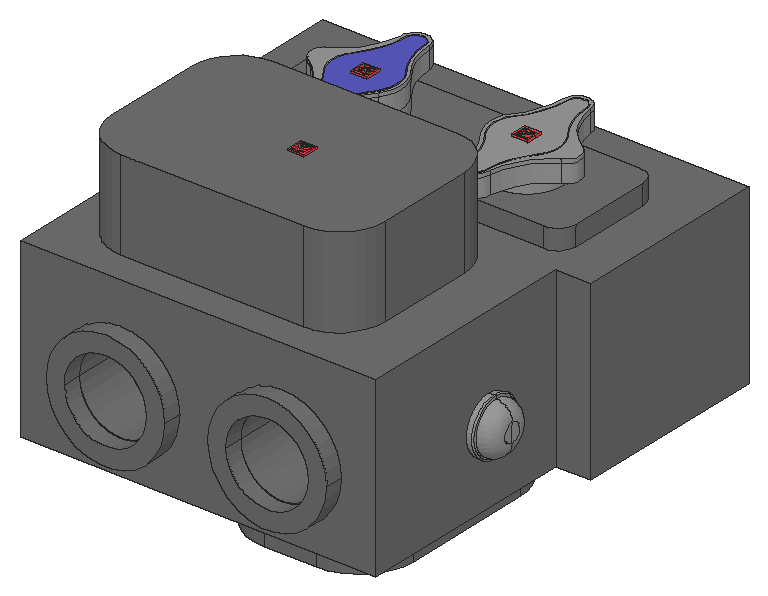
Revit family "HerzCon-узел прямого подключения для фанкойлов 90мм", category Rohrzubehör, Revit 2018
Family settings
  Bemaßung runder Anschluss = Durchmesser verwenden
  Teiletyp = Unterbricht
  OmniClass-Nummer = 23.65.55.14
  OmniClass-Titel = Valves for Liquid Services
  Arbeitsebenenbasiert = Nein
  Immer vertikal = Ja
  Beim Laden mit Abzugskörper schneiden = Nein
  Gemeinsam genutzt = Nein
Parameters (values of type "DN25")
  Среда = "Вода для системы отопления подготавливается в соответствии с ÖNORM H5195 или VDI 2035.\r\nВозможно использование этилена или пропиленгликоля в концентрации 25-50% объема."
  Применение = "HerzCON был разработан для простого подключения фанкойлов или AHU.\r\nHerzCON - это устройство, состоящее из независимого от давления комби-клапана - регулятора расхода (4006), HERZ фильтра-грязевика, HERZ крана для слива (2512) и двух HERZ мультифункциональных шаровых кранов.\r\nВключение, выключение и модульное управление возможно производить через приводы 0 - 10 В.\r\nПриводы могут быть интегрированы в BMS при необходимости.\r\nУстройство обеспечивает независимое от давления управление и в то же время гарантирует постоянный расход для конечного потребителя, максимизируя энергоэффективность системы.\r\nУстройство HerzCON также позволяет производить промывку и запирание.\r\nHerzCON предназначен для работы как в системах холодоснабжения, так и теплоснабжения.\r\nКран для слива, установленный на сетчатом фильтре, позволяет производить промывку устройства без необходимости извлечения сетчатого фильтра, а также позволяет очищать сетчатый фильтр в самом устройстве."
  Номер заказа теплоизолирующего кожуха [instance] = 1470098  # constant formula
  Номер заказа [instance] = 1460058  # constant formula
  Мин. рабочая температура = -20 °C  # constant formula
  Макс. рабочее давление = 2500000.0 Pa  # constant formula
  Макс. рабочая температура = 130 °C  # constant formula
  Макс. дифференциальное давление = 400000.0 Pa  # constant formula
  Корпус = "латунь, устойчивая к селективной цинковой коррозии"  # constant formula
  kvs-Wert (обычная работа) = "2.75"  # constant formula
  kvs-Wert (работа байпаса) = "10.00"  # constant formula
  URL = "www.herz-armaturen.ru"
  SCRNSEQ = "ARM;TYP_ARM=\"DURR\";02"
  SCRNCODE = "05;04;04"  # constant formula
  Nennweite SF [instance] = 32.00 mm  # constant formula
  Nennweite Kombi [instance] = 32.00 mm  # constant formula
  Nennweite KH [instance] = 25.00 mm  # constant formula
  Мембрана и уплотнительное кольцо O-Ring = "EPDM"  # constant formula
  L11 = 14.00 mm  # constant formula
  L10 = 25.00 mm  # constant formula
  L09 = 16.00 mm  # constant formula
  L08 = 14.75 mm  # constant formula
  L07 = 12.50 mm  # constant formula
  L06 = 20.50 mm  # constant formula
  L04 = 45.00 mm  # constant formula
  L03 = 18.00 mm  # constant formula
  L02 = 4.80 mm  # constant formula
  L01 = 19.85 mm  # constant formula
  L00 [instance] = 189.70 mm  # constant formula
  L05 = 22.00 mm  # constant formula
  Теплоизолирующий бокс = "EPP, вспененный полипропилен, паронепроницаемый, антидиффузионный, черного цвета"  # constant formula
  Ход = "4 мм"  # constant formula
  Hersteller = "HERZ Armaturen Ges.m.b.H."  # constant formula
  H02 = D02 + 1.00 mm  # 28.00 mm
  H01 = 39.50 mm  # constant formula
  Изоляция [instance] = yes
  D11 = 20.00 mm  # constant formula
  D10 = 13.00 mm  # constant formula
  D09 = 18.90 mm  # constant formula
  D08 = 19.10 mm  # constant formula
  D07 = 14.85 mm  # constant formula
  D06 = 32.60 mm  # constant formula
  D05 = 33.80 mm  # constant formula
  D04 = 15.50 mm  # constant formula
  D03 = 21.25 mm  # constant formula
  D02 = 27.00 mm  # constant formula
  D01 = 15.00 mm  # constant formula
Reference planes
  plane 1 "Mitte (Vorne/hinten)": y = 0
  plane 2: z = 0
  plane 3 "Mitte (Links/rechts)": x = 0
Forms (mm)
  Revolve 1, solid, material "Messing, weicher Gelbton, geschweißt", detail levels fine
    sketch origin (-0.315, -1.436, 0) x (1, 0, 0) y (0, 1, 0)
      loop
        line (-94.535, 1.436) -> (95.165, 1.436) -> (95.165, 16.436) -> (75.315, 16.436) -> (75.315, 28.436) -> (23.115, 28.436) -> (23.115, 22.686) -> (18.315, 22.686) -> (18.315, 16.936) -> (-17.685, 16.936) -> (-17.685, 22.686) -> (-22.485, 22.686) -> (-22.485, 28.436) -> (-74.685, 28.436) -> (-74.685, 16.436) -> (-94.535, 16.436) -> (-94.535, 1.436)
      axis (95.165, 1.436) -> (-94.535, 1.436)
    angle from 0 to 360
  Revolve 2, solid, material "Messing, weicher Gelbton, geschweißt", detail levels fine
    sketch origin (0, 0, 0) x (1, 0, 0) y (0, 1, 0)
      loop
        line (-45, 28.35) -> (-57.5, 28.35) -> (-57.5, 47.45) -> (-65.5, 47.45) -> (-65.5, 32.6) -> (-67, 32.6) -> (-67, -33.8) -> (-59.75, -33.8) -> (-59.75, -45.7) -> (-70, -45.7) -> (-70, -65.7) -> (-61, -65.7) -> (-61, -52.7) -> (-45, -52.7) -> (-45, 28.35)
      axis (-45, 47.45) -> (-45, -65.7)
    angle from 0 to 360
  Revolve 3, solid, material "Messing, weicher Gelbton, geschweißt", detail levels fine
    sketch origin (0, 0, 0) x (-1, 0, 0) y (0, 1, 0)
      loop
        line (-45, 28.35) -> (-57.5, 28.35) -> (-57.5, 47.45) -> (-65.5, 47.45) -> (-65.5, 32.6) -> (-67, 32.6) -> (-67, -33.8) -> (-59.75, -33.8) -> (-59.75, -45.7) -> (-70, -45.7) -> (-70, -65.7) -> (-61, -65.7) -> (-61, -52.7) -> (-45, -52.7) -> (-45, 28.35)
      axis (-45, 47.45) -> (-45, -65.7)
    angle from 0 to 360
  Revolve 4, solid, material "Messing, weicher Gelbton, geschweißt", detail levels fine
    sketch origin (0, 0, 0) x (1, 0, 0) y (0, 0, 1)
      loop
        line (-45, 0) -> (-45, 39.5) -> (-59, 39.5) -> (-59, 0) -> (-45, 0)
      axis (-45, 0) -> (-45, 39.5)
    angle from 0 to 360
  Revolve 5, solid, material "Messing, weicher Gelbton, geschweißt", detail levels fine
    sketch origin (0, 0, 0) x (-1, 0, 0) y (0, 0, 1)
      loop
        line (-45, 0) -> (-45, 39.5) -> (-59, 39.5) -> (-59, 0) -> (-45, 0)
      axis (-45, 0) -> (-45, 39.5)
    angle from 0 to 360
  Revolve 6, solid, material "Messing, weicher Gelbton, geschweißt", detail levels fine
    sketch origin (0, 33.127, 0) x (1, 0, 0) y (0, 1, 0)
      loop
        line (45, -87.677) -> (29, -87.677) -> (29, -96.677) -> (30, -96.677) -> (30, -154.677) -> (29, -154.677) -> (29, -163.677) -> (45, -163.677) -> (45, -87.677)
      axis (45, -87.677) -> (45, -163.677)
    angle from 0 to 360
  Revolve 7, solid, material "Messing, weicher Gelbton, geschweißt", detail levels fine
    sketch origin (0, 0, 0) x (1, 0, 0) y (0, 1, 0)
      loop
        line (25, -92.55) -> (25, -107.55) -> (45, -107.55) -> (60, -111.55) -> (68, -111.55) -> (68, -107.55) -> (78, -107.55) -> (78, -105.55) -> (91, -105.55) -> (91, -106.55) -> (100, -106.55) -> (100, -92.55) -> (25, -92.55)
      axis (25, -92.55) -> (100, -92.55)
    angle from 0 to 360
  Revolve 8, solid, material "Messing, weicher Gelbton, geschweißt", detail levels fine
    sketch origin (0, 0, 0) x (1, 0, 0) y (0, 1, 0)
      loop
        line (25, -92.55) -> (11, -92.55) -> (11, -103.55) -> (15, -103.55) -> (15, -109.55) -> (25, -109.55) -> (25, -92.55)
      axis (11, -92.55) -> (25, -92.55)
    angle from 0 to 360
  Extrusion 9, solid, material "Messing, weicher Gelbton, geschweißt", detail levels fine
    sketch origin (0, 0, 0) x (0, 1, 0) y (0, 0, 1)
      loop
        line (-87.8, 46) -> (-97.3, 46) -> (-130.012, 27.114) -> (-134.762, 18.886) -> (-134.762, -18.886) -> (-130.012, -27.114) -> (-97.3, -46) -> (-87.8, -46) -> (-55.088, -27.114) -> (-50.338, -18.886) -> (-50.338, 18.886) -> (-55.088, 27.114) -> (-87.8, 46)
    from 11 to -10.6
  Revolve 10, solid, material "Messing, weicher Gelbton, geschweißt", detail levels fine
    sketch origin (0, 0, 0) x (1, 0, 0) y (0, 1, 0)
      loop
        line (-10.6, -92.55) -> (-10.6, -62.694) -> (-14.1, -75.05) -> (-14.1, -92.55) -> (-10.6, -92.55)
      axis (-14.1, -92.55) -> (-10.6, -92.55)
    angle from 0 to 360
  Extrusion 11, solid, material "Messing, weicher Gelbton, geschweißt", detail levels fine
    sketch origin (0, 0, 0) x (1, 0, 0) y (0, 0, 1)
      loop
        line (11, 8) -> (-6.1, 8)
        arc (-6.1, 8) -> (-14.1, 0) -> (-6.1, -8) r 8
        line (-6.1, -8) -> (11, -8) -> (11, 8)
    from 49.053 to 92.55
  Revolve 12, solid, material "Messing, weicher Gelbton, geschweißt", detail levels fine
    sketch origin (0, 0, 0) x (1, 0, 0) y (0, 1, 0)
      loop
        line (-13.1, -49.053) -> (-6.1, -49.053) -> (-6.1, -33.053) -> (-13.1, -33.053) -> (-13.1, -44.053) -> (-10.1, -44.053) -> (-10.1, -46.053) -> (-13.1, -46.053) -> (-13.1, -49.053)
      axis (-6.1, -33.053) -> (-6.1, -49.053)
    angle from 0 to 360
  Revolve 13, solid, material "Messing, weicher Gelbton, geschweißt", detail levels fine
    sketch origin (45, 0, 0) x (0, 1, 0) y (0, 0, 1)
      loop
        line (-107.55, 29) -> (-116.55, 29) -> (-116.55, 0) -> (-115.35, 0) -> (-115.35, -27) -> (-114.55, -27) -> (-114.55, -30) -> (-111.55, -30) -> (-111.55, -32) -> (-114.55, -32) -> (-114.55, -43) -> (-107.55, -43) -> (-107.55, 29)
      axis (-107.55, 29) -> (-107.55, -43)
    angle from 0 to 360
  Revolve 14, solid, material "Messing, weicher Gelbton, geschweißt", detail levels fine
    sketch origin (45, 0, 0) x (0, 1, 0) y (0, 0, 1)
      loop
        line (-68.55, 29) -> (-77.55, 29) -> (-77.55, 0) -> (-68.55, 0) -> (-68.55, 29)
      axis (-77.55, 29) -> (-77.55, 0)
    angle from 0 to 360
  Revolve 15, solid, material "Messing, weicher Gelbton, geschweißt", detail levels fine
    sketch origin (5.25, 97.957, 0) x (1, 0, 0) y (0, 1, 0)
      loop
        line (-50.25, -152.507) -> (-66.25, -152.507) -> (-66.25, -167.507) -> (-67.75, -167.507) -> (-67.75, -230.907) -> (-66.25, -230.907) -> (-66.25, -242.507) -> (-50.25, -242.507) -> (-50.25, -152.507)
      axis (-50.25, -152.507) -> (-50.25, -242.507)
    angle from 0 to 360
  Revolve 16, solid, material "Messing, weicher Gelbton, geschweißt", detail levels fine
    sketch origin (-45, -230.478, 0) x (0, 1, 0) y (0, 0, 1)
      loop
        arc (130.928, -23.913) -> (141.764, -20.377) -> (148.428, -11.13) r 18.37
        line (148.428, -11.13) -> (148.428, 3) -> (149.428, 4.812) -> (149.428, 32.5) -> (149.428, 34.5) -> (148.428, 34.5) -> (148.428, 36) -> (144.428, 36) -> (144.428, 49) -> (142.55, 50.084)
        arc (142.55, 50.084) -> (140.382, 52.622) -> (140.295, 55.959) r 5
        line (140.295, 55.959) -> (141.933, 61) -> (141.933, 76) -> (144.133, 76) -> (144.133, 77.5) -> (145.912, 77.5) -> (145.912, 84) -> (144.912, 86.5) -> (133.412, 86.5) -> (133.412, 89.5) -> (134.912, 89.5) -> (134.912, 91.5) -> (130.928, 91.5) -> (130.928, -23.913)
      axis (130.928, 91.5) -> (130.928, -23.913)
    angle from 0 to 360
  Extrusion 17, solid, material "Messing, weicher Gelbton, geschweißt", detail levels fine
    sketch origin (-1, -230.478, 0) x (0, 1, 0) y (0, 0, 1)
      loop
        circle (130.928, 65) r 5.5
    from -44 to -27
  Extrusion 18, solid, material "Kunststoff-Anthrazit/Schwarz", visible <- "Изоляция", detail levels fine
    sketch origin (-452.346, 0, 0) x (1, 0, 0) y (0, 1, 0)
      loop
        line (332.346, 64.5) -> (332.346, -45.5) -> (351.746, -45.5) -> (351.746, -170.5) -> (549.946, -170.5) -> (549.946, -45.5) -> (569.346, -45.5) -> (569.346, 64.5) -> (332.346, 64.5)
    from -42 to 56
  Extrusion 19, void
    sketch origin (0, 0, 0) x (0, 1, 0) y (0, 0, 1)
      loop
        circle (-92.55, 0) r 15
    from 117 to 32.451
  Extrusion 20, void
    sketch origin (0, 0, 0) x (1, 0, 0) y (0, 0, 1)
      loop
        circle (-45, 0) r 23
      loop
        circle (45, 0) r 23
    from 184.5 to -80
  Extrusion 21, solid, material "Kunststoff-Anthrazit/Schwarz", visible <- "Изоляция", detail levels fine
    sketch origin (0, 0, 0) x (1, 0, 0) y (0, 0, 1)
      loop
        circle (-45, 0) r 33
      loop
        circle (45, 0) r 33
    from 180.5 to 170.5
  Extrusion 22, solid, material "Kunststoff-Anthrazit/Schwarz", visible <- "Изоляция", detail levels fine
    sketch origin (0, 0, 0) x (1, 0, 0) y (0, 0, 1)
      loop
        circle (-45, 0) r 33
      loop
        circle (45, 0) r 33
    from -64.5 to -74.5
  Extrusion 23, solid, material "Kunststoff-Anthrazit/Schwarz", visible <- "Изоляция", detail levels fine
    sketch origin (0, 0, 0) x (1, 0, 0) y (0, 1, 0)
      loop
        line (43.2, -46.9) -> (-58.4, -46.9)
        arc (-58.4, -46.9) -> (-76.078, -54.222) -> (-83.4, -71.9) r 25
        line (-83.4, -71.9) -> (-83.4, -128)
        arc (-83.4, -128) -> (-76.078, -145.678) -> (-58.4, -153) r 25
        line (-58.4, -153) -> (43.2, -153)
        arc (43.2, -153) -> (60.878, -145.678) -> (68.2, -128) r 25
        line (68.2, -128) -> (68.2, -71.9)
        arc (68.2, -71.9) -> (60.878, -54.222) -> (43.2, -46.9) r 25
    from 56 to 106
  Extrusion 24, solid, material "Kunststoff-Anthrazit/Schwarz", visible <- "Изоляция", detail levels fine
    sketch origin (0, 0, 0) x (1, 0, 0) y (0, 1, 0)
      loop
        arc (81.5, -33.43) -> (88.571, -30.501) -> (91.5, -23.43) r 10
        line (91.5, -23.43) -> (91.5, 22.8)
        arc (91.5, 22.8) -> (88.571, 29.871) -> (81.5, 32.8) r 10
        line (81.5, 32.8) -> (-81.5, 32.8)
        arc (-81.5, 32.8) -> (-88.571, 29.871) -> (-91.5, 22.8) r 10
        line (-91.5, 22.8) -> (-91.5, -23.43)
        arc (-91.5, -23.43) -> (-88.571, -30.501) -> (-81.5, -33.43) r 10
        line (-81.5, -33.43) -> (81.5, -33.43)
    from 56 to 67
  Extrusion 25, solid, material "Kunststoff-Anthrazit/Schwarz", visible <- "Изоляция", detail levels fine
    sketch origin (0, 0, 0) x (1, 0, 0) y (0, 1, 0)
      loop
        arc (5.4, 1.85) -> (-15.813, -6.937) -> (-24.6, -28.15) r 30
        line (-24.6, -28.15) -> (-24.6, -102.9)
        arc (-24.6, -102.9) -> (-15.813, -124.113) -> (5.4, -132.9) r 30
        line (5.4, -132.9) -> (34.4, -132.9)
        arc (34.4, -132.9) -> (55.613, -124.113) -> (64.4, -102.9) r 30
        line (64.4, -102.9) -> (64.4, -28.15)
        arc (64.4, -28.15) -> (55.613, -6.937) -> (34.4, 1.85) r 30
        line (34.4, 1.85) -> (5.4, 1.85)
    from -42 to -76
Cuts and joins
  Extrusion 19, Extrusion 20 cuts Extrusion 18
  Extrusion 20 cuts Extrusion 21
  Extrusion 20 cuts Extrusion 22
Dimensions and locks
  "D04": Revolve 1 sketch curve to Revolve 1 sketch curve
  "D03": Revolve 1 sketch curve to Revolve 1 sketch curve  (x2)
  "D01": Revolve 1 sketch curve to Revolve 1 sketch curve  (x2)
  "D02": Revolve 1 sketch curve to Revolve 1 sketch curve  (x2)
  "L00": Revolve 1 sketch curve to Revolve 1 sketch curve
  "L01": Revolve 1 sketch curve to Revolve 1 sketch curve  (x2)
  "L02": Revolve 1 sketch curve to Revolve 1 sketch curve  (x2)
  equal spacing: Revolve 1 sketch curve, plane 3 "Mitte (Links/rechts)", Revolve 1 sketch curve
  "L03": Revolve 1 sketch curve to plane 3 "Mitte (Links/rechts)" to Revolve 1 sketch curve
  "L04": Revolve 2 sketch curve to plane 3 "Mitte (Links/rechts)"  (x2)
  "L05": Revolve 2 sketch curve to Revolve 2 sketch curve
  "D05": Revolve 2 sketch curve to plane 1 "Mitte (Vorne/hinten)"
  "D06": plane 1 "Mitte (Vorne/hinten)" to Revolve 2 sketch curve
  "L06": Revolve 2 sketch curve to Revolve 2 sketch curve
  "D07": Revolve 2 sketch curve to Revolve 2 sketch curve
  "D08": Revolve 2 sketch curve to Revolve 2 sketch curve
  "L07": Revolve 2 sketch curve to Revolve 2 sketch curve
  "L08": Revolve 2 sketch curve to Revolve 2 sketch curve
  "D09": Revolve 2 sketch curve to Revolve 2 sketch curve
  "D10": Revolve 2 sketch curve to Revolve 2 sketch curve
  "D11": Revolve 2 sketch curve to Revolve 2 sketch curve
  "L09": Revolve 2 sketch curve to Revolve 2 sketch curve
  "L10": Revolve 2 sketch curve to Revolve 2 sketch curve
  "L05": Revolve 3 sketch curve to Revolve 3 sketch curve
  "L06": Revolve 3 sketch curve to Revolve 3 sketch curve
  "D07": Revolve 3 sketch curve to Revolve 3 sketch curve
  "D08": Revolve 3 sketch curve to Revolve 3 sketch curve
  "L07": Revolve 3 sketch curve to Revolve 3 sketch curve
  "L08": Revolve 3 sketch curve to Revolve 3 sketch curve
  "D09": Revolve 3 sketch curve to Revolve 3 sketch curve
  "D10": Revolve 3 sketch curve to Revolve 3 sketch curve
  "D11": Revolve 3 sketch curve to Revolve 3 sketch curve
  "L09": Revolve 3 sketch curve to Revolve 3 sketch curve
  "L10": Revolve 3 sketch curve to Revolve 3 sketch curve
  "L04": plane 3 "Mitte (Links/rechts)" to Revolve 3 sketch curve  (x2)
  "D05": Revolve 3 sketch curve to plane 1 "Mitte (Vorne/hinten)"
  "D06": plane 1 "Mitte (Vorne/hinten)" to Revolve 3 sketch curve
  "H01": Revolve 4 sketch curve to plane 2
  "L04": plane 3 "Mitte (Links/rechts)" to Revolve 4 sketch curve  (x2)
  "L11": Revolve 4 sketch curve to Revolve 4 sketch curve
  "L11": Revolve 5 sketch curve to Revolve 5 sketch curve
  "L04": Revolve 5 sketch curve to plane 3 "Mitte (Links/rechts)"  (x2)
  "H01": Revolve 5 sketch curve to plane 2
  "L04": nested 3 to plane 3 "Mitte (Links/rechts)"
  "L04": plane 3 "Mitte (Links/rechts)" to nested 4
  "H02": nested 3 to plane 2
  "H02": nested 4 to plane 2
  "L04": plane 3 "Mitte (Links/rechts)" to Revolve 6 sketch curve  (x2)
  Revolve 6 sketch curve to Revolve 6 sketch curve = 16.00 mm  (x2)
  Revolve 6 sketch curve to Revolve 6 sketch curve = 15.00 mm
  Revolve 6 sketch curve to Revolve 6 sketch curve = 76.00 mm
  Revolve 6 sketch curve to Revolve 6 sketch curve = 9.00 mm  (x2)
  equal spacing: Revolve 6, Revolve 7 sketch curve, Revolve 6  (x2)
  Revolve 7 sketch curve to Revolve 7 sketch curve = 75.00 mm
  Revolve 7 sketch curve to Revolve 7 sketch curve = 9.00 mm
  Revolve 7 sketch curve to Revolve 7 sketch curve = 13.00 mm  (x2)
  Revolve 7 sketch curve to Revolve 7 sketch curve = 10.00 mm
  "L04": plane 3 "Mitte (Links/rechts)" to Revolve 7 sketch curve
  Revolve 7 sketch curve to Revolve 7 sketch curve = 14.00 mm
  Revolve 7 sketch curve to Revolve 7 sketch curve = 15.00 mm  (x2)
  Revolve 7 sketch curve to Revolve 7 sketch curve = 20.00 mm
  Revolve 7 sketch curve to Revolve 7 sketch curve = 35.00 mm
  Revolve 8 sketch curve to Revolve 7 = 20.00 mm
  equal spacing: Revolve 6, Revolve 8 sketch curve, Revolve 6  (x2)
  Revolve 8 sketch curve to Revolve 8 sketch curve = 17.00 mm
  Revolve 8 sketch curve to Revolve 8 sketch curve = 11.00 mm
  Revolve 8 sketch curve to Revolve 8 sketch curve = 14.00 mm
  Revolve 8 sketch curve to Revolve 8 sketch curve = 10.00 mm
  Revolve 6 to Extrusion 9 sketch curve = 4.212 mm
  Extrusion 9 sketch curve to Revolve 6 = 4.212 mm
  Extrusion 9 sketch curve to Extrusion 9 sketch curve = 84.424 mm
  equal spacing: Extrusion 9 sketch curve, level, Extrusion 9 sketch curve
  Extrusion 9 to Revolve 7 = 34.00 mm
  equal spacing: Revolve 6, Revolve 10 sketch curve, Revolve 6  (x2)
  Revolve 10 sketch curve to Revolve 10 sketch curve = 17.50 mm
  Revolve 10 sketch curve to Revolve 10 sketch curve = 29.856 mm
  Revolve 10 sketch curve to Extrusion 9 = 3.50 mm
  equal spacing: Revolve 6, nested 5, Revolve 6
  Revolve 7 to nested 5 = 46.00 mm
  Extrusion 9 to Revolve 10 = 25.10 mm
  Revolve 12 sketch curve to Revolve 12 sketch curve = 7.00 mm  (x2)
  Revolve 12 sketch curve to Revolve 12 sketch curve = 4.00 mm
  Revolve 12 sketch curve to Revolve 12 sketch curve = 3.00 mm
  Revolve 12 sketch curve to Revolve 12 sketch curve = 2.00 mm
  Revolve 12 sketch curve to Revolve 12 sketch curve = 11.00 mm
  Revolve 10 to Revolve 12 sketch curve = 1.00 mm
  Revolve 10 to Revolve 12 sketch curve = 8.00 mm
  Extrusion 11 to Revolve 12 sketch curve = 43.497 mm
  equal spacing: Revolve 6, Extrusion 11, Revolve 6
  Extrusion 11 to Extrusion 11 = 43.497 mm
  Revolve 3 to Revolve 6 = 178.00 mm
  Revolve 13 sketch curve to Revolve 13 sketch curve = 7.80 mm
  Revolve 13 sketch curve to Revolve 13 sketch curve = 9.00 mm
  Revolve 13 sketch curve to Revolve 13 sketch curve = 7.00 mm  (x2)
  Revolve 13 sketch curve to Revolve 13 sketch curve = 4.00 mm
  Revolve 13 sketch curve to Revolve 13 sketch curve = 3.00 mm
  Revolve 13 sketch curve to Revolve 13 sketch curve = 2.00 mm
  Revolve 13 sketch curve to Revolve 13 sketch curve = 11.00 mm
  "L04": plane 3 "Mitte (Links/rechts)" to Revolve 13
  Revolve 14 sketch curve to Revolve 14 sketch curve = 9.00 mm
  "L04": plane 3 "Mitte (Links/rechts)" to Revolve 14
  nested 7 to plane 2 = 29.00 mm
  nested 6 to plane 2 = 29.00 mm
  Revolve 15 sketch curve to Revolve 15 sketch curve = 11.60 mm
  Revolve 15 sketch curve to Revolve 15 sketch curve = 15.00 mm
  Revolve 15 sketch curve to Revolve 15 sketch curve = 90.00 mm
  Revolve 15 sketch curve to Revolve 15 sketch curve = 16.00 mm  (x2)
  Revolve 15 sketch curve to Revolve 15 sketch curve = 17.50 mm
  Revolve 15 to Revolve 16 sketch curve = 45.00 mm  (x2)
  Revolve 15 to Extrusion 17 sketch curve = 45.00 mm
  nested 8 to Revolve 15 = 45.00 mm
  plane 2 to Revolve 16 sketch curve = 23.913 mm
  Revolve 16 sketch curve to plane 2 = 34.50 mm
  Revolve 16 sketch curve to Revolve 16 sketch curve = 17.50 mm  (x2)
  Revolve 16 sketch curve to plane 2 = 4.812 mm
  Revolve 16 sketch curve to Revolve 16 sketch curve = 18.50 mm
  Revolve 16 sketch curve to Revolve 16 sketch curve = 1.50 mm
  Revolve 16 sketch curve to Revolve 16 sketch curve = 13.50 mm
  Revolve 16 sketch curve to Revolve 16 sketch curve = 13.00 mm
  "L04": Revolve 16 to plane 3 "Mitte (Links/rechts)"
  "L04": Revolve 15 sketch curve to plane 3 "Mitte (Links/rechts)"  (x2)
  Extrusion 17 to Extrusion 17 = 17.00 mm
  "L04": plane 3 "Mitte (Links/rechts)" to Extrusion 17
  Revolve 16 to Extrusion 17 sketch curve = 11.00 mm
  Extrusion 17 sketch curve to plane 2 = 65.00 mm
  Revolve 15 to Revolve 2 = 192.00 mm
  Extrusion 18 sketch curve to Extrusion 18 sketch curve = 237.00 mm
  Extrusion 18 sketch curve to Extrusion 18 sketch curve = 235.00 mm
  Extrusion 18 sketch curve to Extrusion 18 sketch curve = 19.40 mm  (x2)
  plane 1 "Mitte (Vorne/hinten)" to Extrusion 18 sketch curve = 64.50 mm
  Extrusion 18 sketch curve to Extrusion 18 sketch curve = 110.00 mm  (x2)
  cut or joined group of Extrusion 18, Extrusion 19, Extrusion 20 to Extrusion 19 sketch curve = 77.95 mm
  cut or joined group of Extrusion 18, Extrusion 19, Extrusion 20 to Extrusion 20 sketch curve = 52.00 mm
  cut or joined group of Extrusion 18, Extrusion 19, Extrusion 20 to Extrusion 20 sketch curve = 142.00 mm
  cut or joined group of Extrusion 18, Extrusion 19, Extrusion 20 to Extrusion 21 sketch curve = 42.00 mm
  cut or joined group of Extrusion 18, Extrusion 19, Extrusion 20 to Extrusion 21 sketch curve = 132.00 mm
  cut or joined group of Extrusion 18, Extrusion 19, Extrusion 20 to Extrusion 22 sketch curve = 42.00 mm
  cut or joined group of Extrusion 18, Extrusion 19, Extrusion 20 to Extrusion 22 sketch curve = 132.00 mm
  cut or joined group of Extrusion 18, Extrusion 19, Extrusion 20 to Extrusion 23 sketch curve = 17.50 mm
  cut or joined group of Extrusion 18, Extrusion 19, Extrusion 20 to Extrusion 23 sketch curve = 17.20 mm
  Extrusion 23 sketch curve to Extrusion 23 sketch curve = 151.60 mm
  Extrusion 23 sketch curve to Extrusion 23 sketch curve = 106.10 mm
  Extrusion 24 sketch curve to Extrusion 24 sketch curve = 66.23 mm
  Extrusion 24 sketch curve to Extrusion 24 sketch curve = 183.00 mm
  cut or joined group of Extrusion 18, Extrusion 19, Extrusion 20 to Extrusion 24 sketch curve = 28.50 mm
  Extrusion 24 sketch curve to cut or joined group of Extrusion 18, Extrusion 19, Extrusion 20 = 25.50 mm
  cut or joined group of Extrusion 18, Extrusion 19, Extrusion 20 to Extrusion 24 sketch curve = 31.70 mm
  cut or joined group of Extrusion 18, Extrusion 19, Extrusion 20 to Extrusion 25 sketch curve = 62.65 mm
  Extrusion 25 sketch curve to Extrusion 25 sketch curve = 134.75 mm
  Extrusion 25 sketch curve to cut or joined group of Extrusion 18, Extrusion 19, Extrusion 20 = 52.60 mm
  Extrusion 25 sketch curve to Extrusion 25 sketch curve = 89.00 mm
  equal spacing: Extrusion 23, nested 9, Extrusion 23
  nested 9 to plane 2 = 105.20 mm
  radius of Revolve 16 sketch curve = 18.37 mm
  radius of Extrusion 17 sketch curve = 5.50 mm
  diameter of Extrusion 19 sketch curve = 30.00 mm
  diameter of Extrusion 20 sketch curve = 46.00 mm  (x2)
  diameter of Extrusion 21 sketch curve = 66.00 mm  (x2)
  diameter of Extrusion 22 sketch curve = 66.00 mm  (x2)
  aligned and locked: level to plane 2
Automatic sketch dimensions
  Extrusion 11 sketch curve to level = 0.00 mm
  Extrusion 11 sketch curve to plane 3 "Mitte (Links/rechts)" = 6.10 mm
  plane 3 "Mitte (Links/rechts)" to Extrusion 11 sketch curve = 11.00 mm
  Extrusion 11 sketch curve to level = 8.00 mm
  Revolve 8 sketch curve to Revolve 8 sketch curve = 2.197 mm
  Revolve 8 sketch curve to Revolve 8 sketch curve = 3.212 mm
  level to Extrusion 9 sketch curve = 27.114 mm  (x2)
  Extrusion 9 sketch curve to Extrusion 9 sketch curve = 4.75 mm  (x4)
  Extrusion 9 sketch curve to level = 27.114 mm  (x2)
  Extrusion 9 sketch curve to Extrusion 9 sketch curve = 32.712 mm  (x2)
  Extrusion 9 sketch curve to Extrusion 9 sketch curve = 9.50 mm  (x2)
  Extrusion 9 sketch curve to Extrusion 9 sketch curve = 18.886 mm
  Extrusion 9 sketch curve to Extrusion 9 sketch curve = 8.227 mm  (x4)
  Revolve 10 sketch curve to plane 3 "Mitte (Links/rechts)" = 10.60 mm
  Revolve 10 sketch curve to Revolve 10 sketch curve = 0.00 mm  (x2)
  Revolve 12 sketch curve to Revolve 12 sketch curve = 1.775 mm
  Revolve 12 sketch curve to Revolve 12 sketch curve = 4.225 mm
  Revolve 13 sketch curve to level = 0.00 mm
  level to Revolve 13 sketch curve = 29.00 mm
  plane 1 "Mitte (Vorne/hinten)" to Revolve 13 sketch curve = 116.55 mm
  Revolve 13 sketch curve to level = 27.00 mm
  Revolve 13 sketch curve to Revolve 13 sketch curve = 7.00 mm
  Revolve 13 sketch curve to Revolve 13 sketch curve = 7.744 mm
  Revolve 13 sketch curve to Revolve 13 sketch curve = 8.256 mm
  Revolve 14 sketch curve to level = 0.00 mm
  level to Revolve 14 sketch curve = 29.00 mm
  plane 1 "Mitte (Vorne/hinten)" to Revolve 14 sketch curve = 77.55 mm
  Revolve 14 sketch curve to Revolve 14 sketch curve = 0.00 mm
  level to Revolve 14 sketch curve = 14.00 mm
  Revolve 14 sketch curve to Revolve 14 sketch curve = 5.00 mm
  Revolve 16 sketch curve to Revolve 16 sketch curve = 2.485 mm
  Revolve 16 sketch curve to Revolve 16 sketch curve = 1.50 mm  (x2)
  level to Revolve 16 sketch curve = 55.959 mm
  Revolve 16 sketch curve to Revolve 16 sketch curve = 4.133 mm
  level to Revolve 16 sketch curve = 61.00 mm
  Revolve 16 sketch curve to Revolve 16 sketch curve = 1.638 mm
  level to Revolve 16 sketch curve = 50.084 mm
  Revolve 16 sketch curve to Revolve 16 sketch curve = 1.878 mm
  Revolve 16 sketch curve to Revolve 16 sketch curve = 10.00 mm
  Revolve 16 sketch curve to Revolve 16 sketch curve = 2.50 mm  (x2)
  Revolve 16 sketch curve to Revolve 16 sketch curve = 1.00 mm
  Revolve 16 sketch curve to Revolve 16 sketch curve = 1.812 mm
  Revolve 16 sketch curve to Revolve 16 sketch curve = 2.00 mm  (x2)
  Revolve 16 sketch curve to Revolve 16 sketch curve = 15.00 mm
  Revolve 16 sketch curve to Revolve 16 sketch curve = 6.50 mm
  Revolve 16 sketch curve to Revolve 16 sketch curve = 3.00 mm
  Revolve 16 sketch curve to Revolve 16 sketch curve = 2.20 mm
  Revolve 16 sketch curve to Revolve 16 sketch curve = 1.316 mm
  Revolve 16 sketch curve to Revolve 16 sketch curve = 0.227 mm
  Extrusion 18 sketch curve to plane 3 "Mitte (Links/rechts)" = 120.00 mm
  Extrusion 19 sketch curve to level = 0.00 mm
  Extrusion 20 sketch curve to level = 0.00 mm  (x2)
  Extrusion 21 sketch curve to level = 0.00 mm  (x2)
  Extrusion 22 sketch curve to level = 0.00 mm  (x2)
  Extrusion 23 sketch curve to Extrusion 23 sketch curve = 25.00 mm  (x4)
  Extrusion 24 sketch curve to Extrusion 24 sketch curve = 10.00 mm  (x4)
  Extrusion 25 sketch curve to Extrusion 25 sketch curve = 30.00 mm
  plane 1 "Mitte (Vorne/hinten)" to Extrusion 25 sketch curve = 28.15 mm
  Extrusion 25 sketch curve to Extrusion 25 sketch curve = 29.00 mm  (x2)
  Revolve 1 sketch curve to plane 1 "Mitte (Vorne/hinten)" = 0.00 mm
  plane 1 "Mitte (Vorne/hinten)" to Revolve 1 sketch curve = 0.00 mm
  Revolve 1 sketch curve to Revolve 1 sketch curve = 1933.131 mm
  Revolve 1 sketch curve to Revolve 1 sketch curve = 1932.50 mm
  plane 1 "Mitte (Vorne/hinten)" to Revolve 2 sketch curve = 18.80 mm
  Revolve 2 sketch curve to Revolve 2 sketch curve = 12.268 mm
  Revolve 3 sketch curve to plane 1 "Mitte (Vorne/hinten)" = 18.80 mm
  Revolve 3 sketch curve to Revolve 3 sketch curve = 12.268 mm
  Revolve 4 sketch curve to level = 0.00 mm  (x2)
  Revolve 4 sketch curve to Revolve 4 sketch curve = 9.50 mm
  Revolve 5 sketch curve to level = 0.00 mm  (x2)
  Revolve 5 sketch curve to Revolve 5 sketch curve = 9.50 mm
  plane 1 "Mitte (Vorne/hinten)" to Revolve 6 sketch curve = 130.55 mm
  Revolve 6 sketch curve to Revolve 6 sketch curve = 6.00 mm
  Revolve 6 sketch curve to Revolve 6 sketch curve = 5.00 mm
  Revolve 7 sketch curve to Revolve 7 sketch curve = 4.00 mm
  Revolve 7 sketch curve to Revolve 7 sketch curve = 15.00 mm
  Revolve 7 sketch curve to Revolve 7 sketch curve = 11.575 mm
  plane 1 "Mitte (Vorne/hinten)" to Revolve 15 sketch curve = 144.55 mm
  Revolve 15 sketch curve to Revolve 15 sketch curve = 6.926 mm
  Revolve 15 sketch curve to Revolve 15 sketch curve = 10.00 mm
Nested families
  nested 1: "Herz-Logo-vorne" at (-0.315, -15.5, 0) x (0, 1, 0) z (0, 0, 1), type "Herz-Logo-vorne", detail levels fine
  nested 2: "Herz-Logo-vorne" at (-0.315, 15.5, 0) x (0, 1, 0) z (0, 0, 1), type "Herz-Logo-vorne", detail levels fine
  nested 3: "Handrad (blau) für HerzCon DN25-DN32" at (-45, 0, 28) x (0, -1, 0) z (0, 0, 1), type "Handrad (blau) für HerzCon DN25-DN32", detail levels fine
  nested 4: "Handrad (rot) für HerzCon DN25-DN32" at (45, 0, 28) x (0, 1, 0) z (0, 0, 1), type "Handrad (rot) für HerzCon DN25-DN32", detail levels fine
  nested 5: "Bauschutzkappe für HerCon" at (91, -92.55, 0), type "Bauschutzkappe für HerCon"
  nested 6: "Messstutzen_Band_Austritt_senkrecht_(oben)" at (45, -77.55, 11.5), type "Messstutzen_Band_Austritt_senkrecht_(oben)"
    with Schutzkappe yes, Nennweite 0.00 mm, Gewicht 0.00 kg, Bestellnummer 0
  nested 7: "Messstutzen_Band_Eintritt_senkrecht_(oben)" at (45, -107.55, 11.5), type "Messstutzen_Band_Eintritt_senkrecht_(oben)"
    with Schutzkappe yes, Nennweite 0.00 mm, Gewicht 0.00 kg, Bestellnummer 0
  nested 8: "Flügelgriff rot (seite)" at (-32.6, -99.55, 65), type "Flügelgriff rot (seite)"
  nested 9: "Herz-Logo" at (0, -99.95, 105.2), visible <- "Изоляция", type "Herz-Logo", detail levels fine
Connectors
  piping at (45, -130.55, 0), diameter 32, driven by "Nennweite Kombi"
    settings: on Revolve 6, index 1, connector inside diameter 609.6 mm, connector length 0.00 mm, flow factor 0, pipe flow 0.0 L/s, pressure drop 0.0 Pa, fitting loss kfactor 0, connector angle 0.00°, fixture units 0, engagement length 0.00 mm, angle of deflection 0.00°, flow configuration 0, flow direction 1, fitting loss method 0, system type 7, joint type 0, gender type 0, connector reference index -1, connector utility 0, adjustable connector no, is connector primary yes, connector description ""
  piping at (-45, -144.55, 0), diameter 32, driven by "Nennweite SF"
    settings: on Revolve 15, index 2, connector inside diameter 609.6 mm, connector length 0.00 mm, flow factor 0, pipe flow 0.0 L/s, pressure drop 0.0 Pa, fitting loss kfactor 0, connector angle 0.00°, fixture units 0, engagement length 0.00 mm, angle of deflection 0.00°, flow configuration 0, flow direction 2, fitting loss method 0, system type 8, joint type 0, gender type 0, connector reference index -1, connector utility 0, adjustable connector no, is connector primary no, connector description ""
  piping at (-45, 28.35, 0), diameter 25, driven by "Nennweite KH"
    settings: on Revolve 2, index 3, connector inside diameter 609.6 mm, connector length 0.00 mm, flow factor 0, pipe flow 0.0 L/s, pressure drop 0.0 Pa, fitting loss kfactor 0, connector angle 0.00°, fixture units 0, engagement length 0.00 mm, angle of deflection 0.00°, flow configuration 0, flow direction 1, fitting loss method 0, system type 8, joint type 0, gender type 0, connector reference index -1, connector utility 0, adjustable connector no, is connector primary no, connector description ""
  piping at (45, 28.35, 0), diameter 25, driven by "Nennweite KH"
    settings: on Revolve 3, index 4, connector inside diameter 609.6 mm, connector length 0.00 mm, flow factor 0, pipe flow 0.0 L/s, pressure drop 0.0 Pa, fitting loss kfactor 0, connector angle 0.00°, fixture units 0, engagement length 0.00 mm, angle of deflection 0.00°, flow configuration 0, flow direction 2, fitting loss method 0, system type 7, joint type 0, gender type 0, connector reference index -1, connector utility 0, adjustable connector no, is connector primary no, connector description ""
Definition of nested family "Herz-Logo-vorne"
  Reference planes
    plane 1 "Mitte (Vorne/hinten)": y = 0
    plane 2: z = 0
    plane 3 "Mitte (Links/rechts)": x = 0
  Forms (mm)
    Extrusion 1, solid
      sketch origin (0.732, -0.018, 0.017) x (0, -1, 0) y (0, 0, 1)
        loop
          line (-0.018, -4.517) -> (4.482, -4.517) -> (4.482, 4.483) -> (-4.518, 4.483) -> (-4.518, -4.517) -> (-0.018, -4.517)
        loop
          line (-0.05, -3.48) -> (3.482, -3.48) -> (3.482, 3.483) -> (-3.518, 3.483) -> (-3.518, -3.48) -> (-0.05, -3.48)
        loop
          arc (-0.018, 2.383) -> (-1.543, 3.287) -> (-3.067, 2.383) r 1.738
          arc (-3.067, 2.383) -> (-3.191, 1.899) -> (-3.067, 1.415) r 1.009
          line (-3.067, 1.415) -> (-0.018, -3.281) -> (3.032, 1.415)
          arc (3.032, 1.415) -> (3.156, 1.899) -> (3.032, 2.383) r 1.009
          arc (3.032, 2.383) -> (1.507, 3.287) -> (-0.018, 2.383) r 1.738
        loop
          arc (1.885, 1.272) -> (2.005, 1.675) -> (1.885, 2.079) r 0.74
          arc (1.885, 2.079) -> (1.265, 2.416) -> (0.644, 2.079) r 0.74
          line (0.644, 2.079) -> (-0.018, 0.97) -> (-0.679, 2.079)
          arc (-0.679, 2.079) -> (-1.3, 2.416) -> (-1.921, 2.079) r 0.74
          arc (-1.921, 2.079) -> (-2.04, 1.675) -> (-1.921, 1.272) r 0.74
          line (-1.921, 1.272) -> (-0.018, -1.658) -> (1.885, 1.272)
      from 0 to 1.5
  Dimensions and locks
    aligned and locked: level to plane 2
Definition of nested family "Handrad (blau) für HerzCon DN25-DN32"
  Reference planes
    plane 1 "Mitte (Vorne/hinten)": y = 0
    plane 2: z = 0
    plane 3 "Mitte (Links/rechts)": x = 0
  Forms (mm)
    Extrusion 1, solid, detail levels fine
      sketch origin (0, 0, 0) x (1, 0, 0) y (0, 1, 0)
        loop
          circle (0, 0) r 20
      from 0 to 45
    Extrusion 2, solid, detail levels fine
      sketch origin (0, 0, 0) x (1, 0, 0) y (0, 1, 0)
        loop
          arc (-35, 7.5) -> (-42.5, 0) -> (-35, -7.5) r 7.5
          arc (-35, -7.5) -> (-19.287, -13.2) -> (-7.275, -24.825) r 40
          arc (-7.275, -24.825) -> (0, -30) -> (7.275, -24.825) r 7.7
          arc (7.275, -24.825) -> (19.287, -13.2) -> (35, -7.5) r 40
          arc (35, -7.5) -> (42.5, 0) -> (35, 7.5) r 7.5
          arc (35, 7.5) -> (22.22, 10.127) -> (10.965, 16.726) r 40
          arc (10.965, 16.726) -> (0, 20) -> (-10.965, 16.726) r 20
          arc (-10.965, 16.726) -> (-22.22, 10.127) -> (-35, 7.5) r 40
      from 45 to 55
    Extrusion 3, solid, detail levels fine
      sketch origin (0, 0, 0) x (1, 0, 0) y (0, 1, 0)
        loop
          arc (-35, 7.5) -> (-42.5, 0) -> (-35, -7.5) r 7.5
          arc (-35, -7.5) -> (-19.287, -13.2) -> (-7.275, -24.825) r 40
          arc (-7.275, -24.825) -> (0, -30) -> (7.275, -24.825) r 7.7
          arc (7.275, -24.825) -> (19.287, -13.2) -> (35, -7.5) r 40
          arc (35, -7.5) -> (42.5, 0) -> (35, 7.5) r 7.5
          arc (35, 7.5) -> (22.22, 10.127) -> (10.965, 16.726) r 40
          arc (10.965, 16.726) -> (0, 20) -> (-10.965, 16.726) r 20
          arc (-10.965, 16.726) -> (-22.22, 10.127) -> (-35, 7.5) r 40
        loop
          arc (-34.965, 5.5) -> (-40.5, 0) -> (-34.965, -5.5) r 5.5
          arc (-34.965, -5.5) -> (-21.579, -8.231) -> (-9.777, -15.113) r 42
          arc (-9.777, -15.113) -> (0, -18) -> (9.777, -15.113) r 18
          arc (9.777, -15.113) -> (21.579, -8.231) -> (34.965, -5.5) r 42
          arc (34.965, -5.5) -> (40.5, 0) -> (34.965, 5.5) r 5.5
          arc (34.965, 5.5) -> (21.579, 8.231) -> (9.777, 15.113) r 42
          arc (9.777, 15.113) -> (0, 18) -> (-9.777, 15.113) r 18
          arc (-9.777, 15.113) -> (-21.579, 8.231) -> (-34.965, 5.5) r 42
      from 55 to 57
    Extrusion 4, solid, detail levels fine
      sketch origin (0, 0, 0) x (1, 0, 0) y (0, 1, 0)
        loop
          arc (-34.965, 5.5) -> (-40.5, 0) -> (-34.965, -5.5) r 5.5
          arc (-34.965, -5.5) -> (-21.579, -8.231) -> (-9.777, -15.113) r 42
          arc (-9.777, -15.113) -> (0, -18) -> (9.777, -15.113) r 18
          arc (9.777, -15.113) -> (21.579, -8.231) -> (34.965, -5.5) r 42
          arc (34.965, -5.5) -> (40.5, 0) -> (34.965, 5.5) r 5.5
          arc (34.965, 5.5) -> (21.579, 8.231) -> (9.777, 15.113) r 42
          arc (9.777, 15.113) -> (0, 18) -> (-9.777, 15.113) r 18
          arc (-9.777, 15.113) -> (-21.579, 8.231) -> (-34.965, 5.5) r 42
      from 55 to 57
  Dimensions and locks
    aligned and locked: level to plane 2
  Nested families
    nested 1: "Herz-Logo" at (0, 0, 56.5), type "Herz-Logo", detail levels fine
  Definition of nested family "Herz-Logo"
    Reference planes
      plane 1 "Mitte (Vorne/hinten)": y = 0
      plane 2: z = 0
      plane 3 "Mitte (Links/rechts)": x = 0
    Forms (mm)
      Extrusion 1, solid
        sketch origin (0, 0, 0) x (1, 0, 0) y (0, 1, 0)
          loop
            line (-0.018, -4.517) -> (4.482, -4.517) -> (4.482, 4.483) -> (-4.518, 4.483) -> (-4.518, -4.517) -> (-0.018, -4.517)
          loop
            line (-0.05, -3.48) -> (3.482, -3.48) -> (3.482, 3.483) -> (-3.518, 3.483) -> (-3.518, -3.48) -> (-0.05, -3.48)
          loop
            arc (-0.018, 2.383) -> (-1.543, 3.287) -> (-3.067, 2.383) r 1.738
            arc (-3.067, 2.383) -> (-3.191, 1.899) -> (-3.067, 1.415) r 1.009
            line (-3.067, 1.415) -> (-0.018, -3.281) -> (3.032, 1.415)
            arc (3.032, 1.415) -> (3.156, 1.899) -> (3.032, 2.383) r 1.009
            arc (3.032, 2.383) -> (1.507, 3.287) -> (-0.018, 2.383) r 1.738
          loop
            arc (1.885, 1.272) -> (2.005, 1.675) -> (1.885, 2.079) r 0.74
            arc (1.885, 2.079) -> (1.265, 2.416) -> (0.644, 2.079) r 0.74
            line (0.644, 2.079) -> (-0.018, 0.97) -> (-0.679, 2.079)
            arc (-0.679, 2.079) -> (-1.3, 2.416) -> (-1.921, 2.079) r 0.74
            arc (-1.921, 2.079) -> (-2.04, 1.675) -> (-1.921, 1.272) r 0.74
            line (-1.921, 1.272) -> (-0.018, -1.658) -> (1.885, 1.272)
        from 0 to 1.5
    Dimensions and locks
      aligned and locked: level to plane 2
Definition of nested family "Handrad (rot) für HerzCon DN25-DN32"
  Reference planes
    plane 1 "Mitte (Vorne/hinten)": y = 0
    plane 2: z = 0
    plane 3 "Mitte (Links/rechts)": x = 0
  Forms (mm)
    Extrusion 1, solid, detail levels fine
      sketch origin (0, 0, 0) x (1, 0, 0) y (0, 1, 0)
        loop
          circle (0, 0) r 20
      from 0 to 45
    Extrusion 2, solid, detail levels fine
      sketch origin (0, 0, 0) x (1, 0, 0) y (0, 1, 0)
        loop
          arc (-35, 7.5) -> (-42.5, 0) -> (-35, -7.5) r 7.5
          arc (-35, -7.5) -> (-19.287, -13.2) -> (-7.275, -24.825) r 40
          arc (-7.275, -24.825) -> (0, -30) -> (7.275, -24.825) r 7.7
          arc (7.275, -24.825) -> (19.287, -13.2) -> (35, -7.5) r 40
          arc (35, -7.5) -> (42.5, 0) -> (35, 7.5) r 7.5
          arc (35, 7.5) -> (22.22, 10.127) -> (10.965, 16.726) r 40
          arc (10.965, 16.726) -> (0, 20) -> (-10.965, 16.726) r 20
          arc (-10.965, 16.726) -> (-22.22, 10.127) -> (-35, 7.5) r 40
      from 45 to 55
    Extrusion 3, solid, detail levels fine
      sketch origin (0, 0, 0) x (1, 0, 0) y (0, 1, 0)
        loop
          arc (-35, 7.5) -> (-42.5, 0) -> (-35, -7.5) r 7.5
          arc (-35, -7.5) -> (-19.287, -13.2) -> (-7.275, -24.825) r 40
          arc (-7.275, -24.825) -> (0, -30) -> (7.275, -24.825) r 7.7
          arc (7.275, -24.825) -> (19.287, -13.2) -> (35, -7.5) r 40
          arc (35, -7.5) -> (42.5, 0) -> (35, 7.5) r 7.5
          arc (35, 7.5) -> (22.22, 10.127) -> (10.965, 16.726) r 40
          arc (10.965, 16.726) -> (0, 20) -> (-10.965, 16.726) r 20
          arc (-10.965, 16.726) -> (-22.22, 10.127) -> (-35, 7.5) r 40
        loop
          arc (-34.965, 5.5) -> (-40.5, 0) -> (-34.965, -5.5) r 5.5
          arc (-34.965, -5.5) -> (-21.579, -8.231) -> (-9.777, -15.113) r 42
          arc (-9.777, -15.113) -> (0, -18) -> (9.777, -15.113) r 18
          arc (9.777, -15.113) -> (21.579, -8.231) -> (34.965, -5.5) r 42
          arc (34.965, -5.5) -> (40.5, 0) -> (34.965, 5.5) r 5.5
          arc (34.965, 5.5) -> (21.579, 8.231) -> (9.777, 15.113) r 42
          arc (9.777, 15.113) -> (0, 18) -> (-9.777, 15.113) r 18
          arc (-9.777, 15.113) -> (-21.579, 8.231) -> (-34.965, 5.5) r 42
      from 55 to 57
    Extrusion 4, solid, detail levels fine
      sketch origin (0, 0, 0) x (1, 0, 0) y (0, 1, 0)
        loop
          arc (-34.965, 5.5) -> (-40.5, 0) -> (-34.965, -5.5) r 5.5
          arc (-34.965, -5.5) -> (-21.579, -8.231) -> (-9.777, -15.113) r 42
          arc (-9.777, -15.113) -> (0, -18) -> (9.777, -15.113) r 18
          arc (9.777, -15.113) -> (21.579, -8.231) -> (34.965, -5.5) r 42
          arc (34.965, -5.5) -> (40.5, 0) -> (34.965, 5.5) r 5.5
          arc (34.965, 5.5) -> (21.579, 8.231) -> (9.777, 15.113) r 42
          arc (9.777, 15.113) -> (0, 18) -> (-9.777, 15.113) r 18
          arc (-9.777, 15.113) -> (-21.579, 8.231) -> (-34.965, 5.5) r 42
      from 55 to 57
  Dimensions and locks
    aligned and locked: level to plane 2
  Nested families
    nested 1: "Herz-Logo" at (0, 0, 56.5), type "Herz-Logo", detail levels fine
  Definition of nested family "Herz-Logo"
    Reference planes
      plane 1 "Mitte (Vorne/hinten)": y = 0
      plane 2: z = 0
      plane 3 "Mitte (Links/rechts)": x = 0
    Forms (mm)
      Extrusion 1, solid
        sketch origin (0, 0, 0) x (1, 0, 0) y (0, 1, 0)
          loop
            line (-0.018, -4.517) -> (4.482, -4.517) -> (4.482, 4.483) -> (-4.518, 4.483) -> (-4.518, -4.517) -> (-0.018, -4.517)
          loop
            line (-0.05, -3.48) -> (3.482, -3.48) -> (3.482, 3.483) -> (-3.518, 3.483) -> (-3.518, -3.48) -> (-0.05, -3.48)
          loop
            arc (-0.018, 2.383) -> (-1.543, 3.287) -> (-3.067, 2.383) r 1.738
            arc (-3.067, 2.383) -> (-3.191, 1.899) -> (-3.067, 1.415) r 1.009
            line (-3.067, 1.415) -> (-0.018, -3.281) -> (3.032, 1.415)
            arc (3.032, 1.415) -> (3.156, 1.899) -> (3.032, 2.383) r 1.009
            arc (3.032, 2.383) -> (1.507, 3.287) -> (-0.018, 2.383) r 1.738
          loop
            arc (1.885, 1.272) -> (2.005, 1.675) -> (1.885, 2.079) r 0.74
            arc (1.885, 2.079) -> (1.265, 2.416) -> (0.644, 2.079) r 0.74
            line (0.644, 2.079) -> (-0.018, 0.97) -> (-0.679, 2.079)
            arc (-0.679, 2.079) -> (-1.3, 2.416) -> (-1.921, 2.079) r 0.74
            arc (-1.921, 2.079) -> (-2.04, 1.675) -> (-1.921, 1.272) r 0.74
            line (-1.921, 1.272) -> (-0.018, -1.658) -> (1.885, 1.272)
        from 0 to 1.5
    Dimensions and locks
      aligned and locked: level to plane 2
Definition of nested family "Bauschutzkappe für HerCon"
  Reference planes
    plane 1 "Mitte (Vorne/hinten)": y = 0
    plane 2: z = 0
    plane 3 "Mitte (Links/rechts)": x = 0
  Forms (mm)
    Revolve 1, solid, detail levels fine
      sketch origin (0, 0, 0) x (0, 0, 1) y (-1, 0, 0)
        loop
          line (0, 0) -> (-15.5, 0) -> (-15.5, -10.067)
          arc (-15.5, -10.067) -> (-15.733, -10.629) -> (-15.25, -11) r 0.5
          line (-15.25, -11) -> (-14.093, -11)
          arc (-14.093, -11) -> (-11.457, -17.364) -> (-5.093, -20) r 9
          line (-5.093, -20) -> (0, -20) -> (0, 0)
        axis (0, 0) -> (0, -20)
      angle from 0 to 360
  Dimensions and locks
    aligned and locked: level to plane 2
Definition of nested family "Messstutzen_Band_Austritt_senkrecht_(oben)"
  Parameters (values of type "Messstutzen_Band_Austritt_senkrecht_(oben)")
    URL = "www.herz-armaturen.at"
    Schutzkappe [instance] = yes
    Nennweite [instance] = 0.00 mm
    Manufacturer = "Herz Armaturen GmbH"  # constant formula
    Gewicht [instance] = 0.00 kg
    Bestellnummer [instance] = 0
  Reference planes
    plane 1 "Mitte (Vorne/hinten)": y = 0
    plane 2: z = 0
    plane 3 "Mitte (Links/rechts)": x = 0
    plane 4 "Schlaufe 1": z = -27
    plane 5 "Schlaufe 2": z = -31.678
  Forms (mm)
    Revolve 1, solid, detail levels fine
      sketch origin (0, 0, 0) x (1, 0, 0) y (0, 0, 1)
        loop
          line (-7.4, 9) -> (-5.55, 9) -> (-5.55, 6)
          arc (-5.55, 6) -> (-5.626, 5.617) -> (-5.843, 5.293) r 1
          line (-5.843, 5.293) -> (-6.455, 4.681) -> (-6.455, 0.9) -> (-5.555, 0) -> (-2, 0) -> (-2, 17.5) -> (-8.4, 17.5)
          arc (-8.4, 17.5) -> (-7.693, 17.207) -> (-7.4, 16.5) r 1
          line (-7.4, 16.5) -> (-7.4, 9)
        loop
          line (-3.7, 27) -> (-7.3, 27) -> (-7.9, 26.4) -> (-7.9, 23) -> (-2, 23) -> (-2, 35.8) -> (-3.805, 35.8) -> (-4.415, 35.19) -> (-4.415, 30.863) -> (-3.7, 30.45) -> (-3.7, 27)
        axis (0, 0) -> (0, 35.8)
      angle from 0 to 360
    Extrusion 2, solid, detail levels fine
      sketch origin (0, 0, 17.5) x (0, 1, 0) y (-1, 0, 0)
        loop
          arc (-7.07, 5.156) -> (-7.578, 4.375) -> (-8, 3.544) r 8.75
          line (-8, 3.544) -> (-8, -3.544)
          arc (-8, -3.544) -> (-7.578, -4.375) -> (-7.07, -5.156) r 8.75
          line (-7.07, -5.156) -> (-0.93, -8.7)
          arc (-0.93, -8.7) -> (0, -8.75) -> (0.93, -8.7) r 8.75
          line (0.93, -8.7) -> (7.07, -5.156)
          arc (7.07, -5.156) -> (7.578, -4.375) -> (8, -3.544) r 8.75
          line (8, -3.544) -> (8, 3.544)
          arc (8, 3.544) -> (7.578, 4.375) -> (7.07, 5.156) r 8.75
          line (7.07, 5.156) -> (0.93, 8.7)
          arc (0.93, 8.7) -> (0, 8.75) -> (-0.93, 8.7) r 8.75
          line (-0.93, 8.7) -> (-7.07, 5.156)
      from 0 to 5.5
    Revolve 3, solid, visible <- "Schutzkappe", detail levels fine
      sketch origin (0, 0, 0) x (1, 0, 0) y (0, 0, 1)
        loop
          line (0, 35.878) -> (0, 36.678) -> (-7, 36.678) -> (-7, 33.378) -> (-6.1, 33.378) -> (-6.1, 31.678) -> (-6.9, 31.678) -> (-6.9, 30.178) -> (-4.415, 30.178) -> (-4.415, 35.268) -> (-3.805, 35.878) -> (0, 35.878)
        axis (0, 30.178) -> (0, 36.678)
      angle from 0 to 360
    Extrusion 4, solid, detail levels fine
      sketch origin (0, 0, 28.5) x (1, 0, 0) y (0, 1, 0)
        loop
          circle (0, 0) r 3.7
        loop
          arc (-3.906, 5.505) -> (0, -6.75) -> (3.906, 5.505) r 6.75
          arc (3.906, 5.505) -> (2.358, 7.288) -> (1.8, 9.582) r 5
          line (1.8, 9.582) -> (-1.8, 9.582)
          arc (-1.8, 9.582) -> (-2.358, 7.288) -> (-3.906, 5.505) r 5
      from 0 to -1.5
    Extrusion 5, solid, detail levels fine
      sketch origin (0, 0, 33.178) x (1, 0, 0) y (0, 1, 0)
        loop
          circle (0, 0) r 6.1
        loop
          arc (-4.495, 8.652) -> (0, -9.75) -> (4.495, 8.652) r 9.75
          arc (4.495, 8.652) -> (2.527, 10.493) -> (1.8, 13.089) r 5
          line (1.8, 13.089) -> (-1.8, 13.089)
          arc (-1.8, 13.089) -> (-2.527, 10.493) -> (-4.495, 8.652) r 5
      from 0 to -1.5
    Sweep 6, solid, detail levels fine
      path origin (0, 0, 0) x (0, 0, -1) y (0, -1, 0)
        loop
          line (-27.75, -9.582) -> (-27.75, -14.522)
          arc (-27.75, -14.522) -> (-30.089, -16.862) -> (-32.428, -14.522) r 2.339
          line (-32.428, -14.522) -> (-32.428, -13.089)
      profile origin (0, 12.052, 27.75) x (0, 0, 1) y (1, 0, 0)
        loop
          line (-0.75, -1.8) -> (0.75, -1.8) -> (0.75, 1.8) -> (-0.75, 1.8) -> (-0.75, -1.8)
  Dimensions and locks
    aligned and locked: level to plane 2
Definition of nested family "Messstutzen_Band_Eintritt_senkrecht_(oben)"
  Parameters (values of type "Messstutzen_Band_Eintritt_senkrecht_(oben)")
    URL = "www.herz-armaturen.at"
    Schutzkappe [instance] = yes
    Nennweite [instance] = 0.00 mm
    Manufacturer = "Herz Armaturen GmbH"  # constant formula
    Gewicht [instance] = 0.00 kg
    Bestellnummer [instance] = 0
  Reference planes
    plane 1 "Mitte (Vorne/hinten)": y = 0
    plane 2: z = 0
    plane 3 "Mitte (Links/rechts)": x = 0
    plane 4 "Schlaufe 1": z = -27
    plane 5 "Schlaufe 2": z = -31.678
  Forms (mm)
    Revolve 1, solid, detail levels fine
      sketch origin (0, 0, 0) x (1, 0, 0) y (0, 0, 1)
        loop
          line (-7.4, 9) -> (-5.55, 9) -> (-5.55, 6)
          arc (-5.55, 6) -> (-5.626, 5.617) -> (-5.843, 5.293) r 1
          line (-5.843, 5.293) -> (-6.455, 4.681) -> (-6.455, 0.9) -> (-5.555, 0) -> (-2, 0) -> (-2, 17.5) -> (-8.4, 17.5)
          arc (-8.4, 17.5) -> (-7.693, 17.207) -> (-7.4, 16.5) r 1
          line (-7.4, 16.5) -> (-7.4, 9)
        loop
          line (-3.7, 27) -> (-7.3, 27) -> (-7.9, 26.4) -> (-7.9, 23) -> (-2, 23) -> (-2, 35.8) -> (-3.805, 35.8) -> (-4.415, 35.19) -> (-4.415, 30.863) -> (-3.7, 30.45) -> (-3.7, 27)
        axis (0, 0) -> (0, 35.8)
      angle from 0 to 360
    Extrusion 2, solid, detail levels fine
      sketch origin (0, 0, 17.5) x (0, 1, 0) y (-1, 0, 0)
        loop
          arc (-7.07, 5.156) -> (-7.578, 4.375) -> (-8, 3.544) r 8.75
          line (-8, 3.544) -> (-8, -3.544)
          arc (-8, -3.544) -> (-7.578, -4.375) -> (-7.07, -5.156) r 8.75
          line (-7.07, -5.156) -> (-0.93, -8.7)
          arc (-0.93, -8.7) -> (0, -8.75) -> (0.93, -8.7) r 8.75
          line (0.93, -8.7) -> (7.07, -5.156)
          arc (7.07, -5.156) -> (7.578, -4.375) -> (8, -3.544) r 8.75
          line (8, -3.544) -> (8, 3.544)
          arc (8, 3.544) -> (7.578, 4.375) -> (7.07, 5.156) r 8.75
          line (7.07, 5.156) -> (0.93, 8.7)
          arc (0.93, 8.7) -> (0, 8.75) -> (-0.93, 8.7) r 8.75
          line (-0.93, 8.7) -> (-7.07, 5.156)
      from 0 to 5.5
    Revolve 3, solid, visible <- "Schutzkappe", detail levels fine
      sketch origin (0, 0, 0) x (1, 0, 0) y (0, 0, 1)
        loop
          line (0, 35.878) -> (0, 36.678) -> (-7, 36.678) -> (-7, 33.378) -> (-6.1, 33.378) -> (-6.1, 31.678) -> (-6.9, 31.678) -> (-6.9, 30.178) -> (-4.415, 30.178) -> (-4.415, 35.268) -> (-3.805, 35.878) -> (0, 35.878)
        axis (0, 30.178) -> (0, 36.678)
      angle from 0 to 360
    Extrusion 4, solid, detail levels fine
      sketch origin (0, 0, 28.5) x (1, 0, 0) y (0, 1, 0)
        loop
          circle (0, 0) r 3.7
        loop
          arc (-3.906, 5.505) -> (0, -6.75) -> (3.906, 5.505) r 6.75
          arc (3.906, 5.505) -> (2.358, 7.288) -> (1.8, 9.582) r 5
          line (1.8, 9.582) -> (-1.8, 9.582)
          arc (-1.8, 9.582) -> (-2.358, 7.288) -> (-3.906, 5.505) r 5
      from 0 to -1.5
    Extrusion 5, solid, detail levels fine
      sketch origin (0, 0, 33.178) x (1, 0, 0) y (0, 1, 0)
        loop
          circle (0, 0) r 6.1
        loop
          arc (-4.495, 8.652) -> (0, -9.75) -> (4.495, 8.652) r 9.75
          arc (4.495, 8.652) -> (2.527, 10.493) -> (1.8, 13.089) r 5
          line (1.8, 13.089) -> (-1.8, 13.089)
          arc (-1.8, 13.089) -> (-2.527, 10.493) -> (-4.495, 8.652) r 5
      from 0 to -1.5
    Sweep 6, solid, detail levels fine
      path origin (0, 0, 0) x (0, 0, -1) y (0, -1, 0)
        loop
          line (-27.75, -9.582) -> (-27.75, -14.522)
          arc (-27.75, -14.522) -> (-30.089, -16.862) -> (-32.428, -14.522) r 2.339
          line (-32.428, -14.522) -> (-32.428, -13.089)
      profile origin (0, 12.052, 27.75) x (0, 0, 1) y (1, 0, 0)
        loop
          line (-0.75, -1.8) -> (0.75, -1.8) -> (0.75, 1.8) -> (-0.75, 1.8) -> (-0.75, -1.8)
  Dimensions and locks
    aligned and locked: level to plane 2
Definition of nested family "Flügelgriff rot (seite)"
  Reference planes
    plane 1 "Mitte (Vorne/hinten)": y = 0
    plane 2: z = 0
    plane 3 "Mitte (Links/rechts)": x = 0
  Forms (mm)
    Revolve 1, solid, detail levels fine
      sketch origin (0, 0, 0) x (1, 0, 0) y (0, 1, 0)
        loop
          line (0, 0) -> (0, -9.5) -> (11.143, -9.5)
          arc (11.143, -9.5) -> (11.82, -9.22) -> (12.1, -8.543) r 0.957
          line (12.1, -8.543) -> (12.1, -7.39)
          arc (12.1, -7.39) -> (12.352, -6.723) -> (12.983, -6.39) r 1.008
          line (12.983, -6.39) -> (17.616, -5.81)
          arc (17.616, -5.81) -> (18.248, -5.477) -> (18.5, -4.81) r 1.009
          line (18.5, -4.81) -> (18.5, 0) -> (0, 0)
        axis (18.5, 0) -> (0, 0)
      angle from 0 to 360
    Extrusion 2, solid, detail levels fine
      sketch origin (0, 0, 0) x (0, 1, 0) y (0, 0, 1)
        loop
          arc (-20, -0.627) -> (-19.829, -1.058) -> (-19.409, -1.256) r 0.63
          line (-19.409, -1.256) -> (-4, -2.231) -> (-4, 2.225) -> (-19.471, 1.312)
          arc (-19.471, 1.312) -> (-19.847, 1.137) -> (-20, 0.752) r 0.562
          line (-20, 0.752) -> (-20, -0.627)
        loop
          line (20, -0.627) -> (20, 0.752)
          arc (20, 0.752) -> (19.847, 1.137) -> (19.471, 1.312) r 0.562
          line (19.471, 1.312) -> (4.042, 2.223) -> (4.042, -2.228) -> (19.409, -1.256)
          arc (19.409, -1.256) -> (19.829, -1.058) -> (20, -0.627) r 0.63
      from 4.6 to 23.9
    Extrusion 3, void
      sketch origin (0, 0, 0) x (1, 0, 0) y (0, 1, 0)
        loop
          line (4.6, -9.5) -> (4.6, -20) -> (7.413, -20) -> (4.6, -9.5)
        loop
          line (4.6, 9.5) -> (7.413, 20) -> (4.6, 20) -> (4.6, 9.5)
      from 5 to -5
    Extrusion 4, void
      sketch origin (0, 0, 0) x (1, 0, 0) y (0, 1, 0)
        loop
          line (18.5, -5.5) -> (23.633, -14.401)
          arc (23.633, -14.401) -> (23.744, -16.174) -> (22.401, -17.336) r 2
          line (22.401, -17.336) -> (12.113, -20) -> (25.076, -20) -> (25.076, 20) -> (12.113, 20) -> (22.401, 17.336)
          arc (22.401, 17.336) -> (23.744, 16.174) -> (23.633, 14.401) r 2
          line (23.633, 14.401) -> (18.5, 5.5) -> (18.5, -5.5)
      from 5 to -5
  Cuts and joins
    Extrusion 3, Extrusion 4 cuts Extrusion 2
    Extrusion 4 cuts Revolve 1
  Dimensions and locks
    aligned and locked: level to plane 2
Definition of nested family "Herz-Logo"
  Reference planes
    plane 1 "Mitte (Vorne/hinten)": y = 0
    plane 2: z = 0
    plane 3 "Mitte (Links/rechts)": x = 0
  Forms (mm)
    Extrusion 1, solid
      sketch origin (0, 0, 0) x (1, 0, 0) y (0, 1, 0)
        loop
          line (-0.018, -4.517) -> (4.482, -4.517) -> (4.482, 4.483) -> (-4.518, 4.483) -> (-4.518, -4.517) -> (-0.018, -4.517)
        loop
          line (-0.05, -3.48) -> (3.482, -3.48) -> (3.482, 3.483) -> (-3.518, 3.483) -> (-3.518, -3.48) -> (-0.05, -3.48)
        loop
          arc (-0.018, 2.383) -> (-1.543, 3.287) -> (-3.067, 2.383) r 1.738
          arc (-3.067, 2.383) -> (-3.191, 1.899) -> (-3.067, 1.415) r 1.009
          line (-3.067, 1.415) -> (-0.018, -3.281) -> (3.032, 1.415)
          arc (3.032, 1.415) -> (3.156, 1.899) -> (3.032, 2.383) r 1.009
          arc (3.032, 2.383) -> (1.507, 3.287) -> (-0.018, 2.383) r 1.738
        loop
          arc (1.885, 1.272) -> (2.005, 1.675) -> (1.885, 2.079) r 0.74
          arc (1.885, 2.079) -> (1.265, 2.416) -> (0.644, 2.079) r 0.74
          line (0.644, 2.079) -> (-0.018, 0.97) -> (-0.679, 2.079)
          arc (-0.679, 2.079) -> (-1.3, 2.416) -> (-1.921, 2.079) r 0.74
          arc (-1.921, 2.079) -> (-2.04, 1.675) -> (-1.921, 1.272) r 0.74
          line (-1.921, 1.272) -> (-0.018, -1.658) -> (1.885, 1.272)
      from 0 to 1.5
  Dimensions and locks
    aligned and locked: level to plane 2
